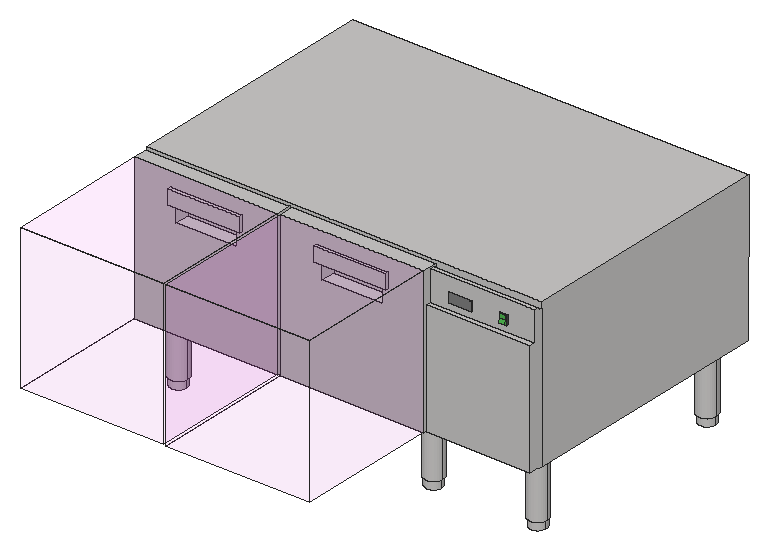
Revit family "QF_ELECTROLUXPROFESSIONAL_391602_E9TTAECOMIN", category Specialty Equipment, Revit 2021 (continued)
Automatic sketch dimensions
  Split face 157 sketch curve to Split face 157 sketch curve = 0.02 mm  (x2)
  Split face 157 sketch curve to Split face 157 sketch curve = 31.959 mm
  Split face 157 sketch curve to Extrusion 4 = 148.203 mm
  Split face 157 sketch curve to Split face 157 sketch curve = 4 mm
  Split face 158 sketch curve to Extrusion 4 = 110.502 mm
  Split face 158 sketch curve to Split face 158 sketch curve = 0.02 mm  (x2)
  Split face 158 sketch curve to Split face 158 sketch curve = 31.959 mm
  Split face 158 sketch curve to Extrusion 4 = 140.797 mm
  Split face 158 sketch curve to Split face 158 sketch curve = 4 mm
  Split face 159 sketch curve to Extrusion 4 = 110.502 mm
  Split face 159 sketch curve to Split face 159 sketch curve = 0.02 mm  (x2)
  Split face 159 sketch curve to Split face 159 sketch curve = 31.959 mm
  Split face 159 sketch curve to Extrusion 4 = 152.797 mm
  Split face 159 sketch curve to Split face 159 sketch curve = 4 mm
  Split face 160 sketch curve to Extrusion 4 = 110.502 mm
  Split face 160 sketch curve to Split face 160 sketch curve = 0.02 mm  (x2)
  Split face 160 sketch curve to Split face 160 sketch curve = 31.959 mm
  Split face 160 sketch curve to Extrusion 4 = 148.203 mm
  Split face 160 sketch curve to Split face 160 sketch curve = 4 mm
  Split face 161 sketch curve to Extrusion 4 = 155.502 mm
  Split face 161 sketch curve to Split face 161 sketch curve = 0.02 mm  (x2)
  Split face 161 sketch curve to Split face 161 sketch curve = 31.959 mm
  Split face 161 sketch curve to Extrusion 4 = 140.797 mm
  Split face 161 sketch curve to Split face 161 sketch curve = 4 mm
  Split face 162 sketch curve to Extrusion 4 = 155.502 mm
  Split face 162 sketch curve to Split face 162 sketch curve = 0.02 mm  (x2)
  Split face 162 sketch curve to Split face 162 sketch curve = 31.959 mm
  Split face 162 sketch curve to Extrusion 4 = 152.797 mm
  Split face 162 sketch curve to Split face 162 sketch curve = 4 mm
  Split face 163 sketch curve to Extrusion 4 = 155.502 mm
  Split face 163 sketch curve to Split face 163 sketch curve = 0.02 mm  (x2)
  Split face 163 sketch curve to Split face 163 sketch curve = 31.959 mm
  Split face 163 sketch curve to Extrusion 4 = 148.203 mm
  Split face 163 sketch curve to Split face 163 sketch curve = 4 mm
  Split face 164 sketch curve to Extrusion 4 = 144.498 mm
  Split face 164 sketch curve to Split face 164 sketch curve = 0.02 mm  (x2)
  Split face 164 sketch curve to Split face 164 sketch curve = 31.959 mm
  Split face 164 sketch curve to Extrusion 4 = 140.797 mm
  Split face 164 sketch curve to Split face 164 sketch curve = 4 mm
  Split face 165 sketch curve to Extrusion 4 = 144.498 mm
  Split face 165 sketch curve to Split face 165 sketch curve = 0.02 mm  (x2)
  Split face 165 sketch curve to Split face 165 sketch curve = 31.959 mm
  Split face 165 sketch curve to Extrusion 4 = 152.797 mm
  Split face 165 sketch curve to Split face 165 sketch curve = 4 mm
  Split face 166 sketch curve to Extrusion 4 = 144.498 mm
  Split face 166 sketch curve to Split face 166 sketch curve = 0.02 mm  (x2)
  Split face 166 sketch curve to Split face 166 sketch curve = 31.959 mm
  Split face 166 sketch curve to Extrusion 4 = 148.203 mm
  Split face 166 sketch curve to Split face 166 sketch curve = 4 mm
  Split face 167 sketch curve to Extrusion 4 = 99.499 mm
  Split face 167 sketch curve to Split face 167 sketch curve = 0.02 mm  (x2)
  Split face 167 sketch curve to Split face 167 sketch curve = 31.959 mm
  Split face 167 sketch curve to Extrusion 4 = 140.797 mm
  Split face 167 sketch curve to Split face 167 sketch curve = 4 mm
  Split face 168 sketch curve to Extrusion 4 = 99.499 mm
  Split face 168 sketch curve to Split face 168 sketch curve = 0.02 mm  (x2)
  Split face 168 sketch curve to Split face 168 sketch curve = 31.959 mm
  Split face 168 sketch curve to Extrusion 4 = 152.797 mm
  Split face 168 sketch curve to Split face 168 sketch curve = 4 mm
  Split face 169 sketch curve to Extrusion 4 = 99.499 mm
  Split face 169 sketch curve to Split face 169 sketch curve = 0.02 mm  (x2)
  Split face 169 sketch curve to Split face 169 sketch curve = 31.959 mm
  Split face 169 sketch curve to Extrusion 4 = 148.203 mm
  Split face 169 sketch curve to Split face 169 sketch curve = 4 mm
  Split face 170 sketch curve to Extrusion 4 = 54.499 mm
  Split face 170 sketch curve to Split face 170 sketch curve = 0.02 mm  (x2)
  Split face 170 sketch curve to Extrusion 4 = 22.519 mm
  Split face 170 sketch curve to Extrusion 4 = 140.797 mm
  Split face 170 sketch curve to Split face 170 sketch curve = 4 mm
  Split face 171 sketch curve to Extrusion 4 = 54.499 mm
  Split face 171 sketch curve to Split face 171 sketch curve = 0.02 mm  (x2)
  Split face 171 sketch curve to Extrusion 4 = 22.519 mm
  Split face 171 sketch curve to Extrusion 4 = 152.797 mm
  Split face 171 sketch curve to Split face 171 sketch curve = 4 mm
  Split face 172 sketch curve to Extrusion 4 = 54.499 mm
  Split face 172 sketch curve to Split face 172 sketch curve = 0.02 mm  (x2)
  Split face 172 sketch curve to Extrusion 4 = 22.519 mm
  Split face 172 sketch curve to Extrusion 4 = 148.203 mm
  Split face 172 sketch curve to Split face 172 sketch curve = 4 mm
  Extrusion 9 sketch curve to Extrusion 2 = 15 mm  (x2)
  Extrusion 2 to Extrusion 9 sketch curve = 31.031 mm
  Extrusion 9 sketch curve to Extrusion 2 = 13.969 mm
  plane 4 to Extrusion 10 sketch curve = 1.587 mm
  Extrusion 10 sketch curve to plane 17 = 8.498 mm
  Extrusion 10 sketch curve to plane 14 = 75.198 mm
  Extrusion 10 sketch curve to plane 3 "Centro (Sinistra/Destra)" = 32.799 mm
  Extrusion 10 sketch curve to plane 3 "Centro (Sinistra/Destra)" = 156.499 mm
  Extrusion 10 sketch curve to plane 5 "TOP" = 143.294 mm
  Extrusion 10 sketch curve to plane 5 "TOP" = 65 mm
  Extrusion 10 sketch curve to plane 5 "TOP" = 9.006 mm
  Extrusion 11 sketch curve to Extrusion 10 = 15 mm  (x2)
  Extrusion 10 to Extrusion 11 sketch curve = 31.031 mm
  Extrusion 11 sketch curve to Extrusion 10 = 13.969 mm
  Extrusion 1 sketch curve to plane 18 = 0 mm
  Extrusion 1 sketch curve to plane 9 "RIGHT" = 1 mm
  Extrusion 12 sketch curve to plane 20 = 30 mm
  Extrusion 12 sketch curve to plane 21 = 0 mm
  Extrusion 1 sketch curve to plane 6 "BACK" = 70 mm
  curve 1 to plane 18 = 0 mm
  curve 15 to plane 18 = 0 mm
  curve 5 to plane 11 = 0 mm
  curve 3 to plane 19 = 0 mm
  curve 17 to plane 10 = 0 mm
  curve 2 to plane 22 = 0 mm
  curve 13 to plane 3 "Centro (Sinistra/Destra)" = 164.999 mm
  curve 9 to curve 10 = 8.5 mm
  curve 12 to plane 17 = 8.498 mm
  curve 10 to plane 7 "FRONT" = 123 mm
  curve 9 to plane 7 "FRONT" = 123 mm
  curve 13 to curve 9 = 40 mm
  curve 16 to curve 10 = 40 mm
  curve 2 to curve 5 = 20 mm
  curve 6 to curve 9 = 20 mm
  curve 10 to curve 7 = 20 mm
  curve 8 to curve 10 = 20 mm
  radius of Split face 2 sketch curve = 1.2 mm
  radius of Split face 3 sketch curve = 1.2 mm
  radius of Split face 4 sketch curve = 1.2 mm
  radius of Split face 5 sketch curve = 1.2 mm
  radius of Split face 6 sketch curve = 1.2 mm
  radius of Split face 7 sketch curve = 1.2 mm
  radius of Extrusion 12 sketch curve = 6 mm
Nested families
  nested 1: "Foot H200" at (-545, -350, 0), type "Foot H200"
  nested 2: "Foot H200" at (-545, 292, 0), type "Foot H200"
  nested 3: "Foot H200" at (229, -350, 0) x (-1, 0, 0) z (0, 0, 1), type "Foot H200"
  nested 4: "Foot H200" at (229, 292, 0) x (-1, 0, 0) z (0, 0, 1), type "Foot H200"
  nested 5: "Foot H200" at (545, -350, 0) x (-1, 0, 0) z (0, 0, 1), type "Foot H200"
  nested 6: "Foot H200" at (545, 292, 0) x (-1, 0, 0) z (0, 0, 1), type "Foot H200"
  nested 7: "01_Refrigerator" at (350, -250, 0), type "01_Refrigerator"
Connectors
  electrical at (560, 260, 189.987)
    settings: on Extrusion 12, index 1, voltage 0 V, apparent load 0 VA, apparent load phase1 0 VA, apparent load phase2 0 VA, apparent load phase3 0 VA, power factor 1, load classification "Altro", number of poles 1, system type 30, power factor state 1, is connector primary yes, connector utility no, sub classification motor no, connector description "Electrical"
Definition of nested family "Foot H200"
  Parameters (values of type "Foot H200")
    Default Elevation = 0 mm
  Reference planes
    plane 1 "Centro (Fronte/Retro)": y = 0
    plane 2: z = 0
    plane 3 "Centro (Sinistra/Destra)": x = 0
    plane 4: z = 200
  Forms (mm)
    Revolve 1, solid
      sketch origin (255.05, 0, 608.09) x (0, 0, 1) y (-1, 0, 0)
        loop
          line (-608.09, 255.05) -> (-608.09, 230.05) -> (-583.09, 230.05) -> (-583.09, 226.05) -> (-408.09, 226.05) -> (-408.09, 255.05) -> (-608.09, 255.05)
        axis (-608.09, 255.05) -> (-408.09, 255.05)
      angle from 0 to 360
  Dimensions and locks
    Revolve 1 sketch curve to Revolve 1 sketch curve = 175 mm
    plane 4 to level = 200 mm
    aligned and locked: level to plane 2
    aligned and locked: plane 4 to Revolve 1 sketch curve
    aligned and locked: Revolve 1 sketch curve to level
    aligned and locked: plane 3 "Centro (Sinistra/Destra)" to Revolve 1 sketch curve
Definition of nested family "01_Refrigerator"
  Reference planes
    plane 1 "Center (Front/Back)": y = 0
    plane 2: z = 0
    plane 3 "Center (Left/Right)": x = 0
  Lines and regions (mm)
    detail lines, in view "Ref. Level"
      curve 1: line (0, -60, 0) -> (0, 60, 0)
      curve 2: line (-51.962, 30, 0) -> (51.962, -30, 0)
      curve 3: line (-51.962, -30, 0) -> (51.962, 30, 0)
      curve 4: line (19.116, 56.873, 0) -> (0, 35, 0)
      curve 5: line (0, 35, 0) -> (-19.116, 56.873, 0)
      curve 6: line (-30.311, 17.5, 0) -> (-40, 45.883, 0)
      curve 7: line (-59.736, 11.7, 0) -> (-30.311, 17.5, 0)
      curve 8: line (-30.311, -17.5, 0) -> (-59.736, -11.7, 0)
      curve 9: line (-40, -45.883, 0) -> (-30.311, -17.5, 0)
      curve 10: line (0, -35, 0) -> (-19.116, -56.873, 0)
      curve 11: line (19.116, -56.873, 0) -> (0, -35, 0)
      curve 12: line (30.311, -17.5, 0) -> (39.696, -44.992, 0)
      curve 13: line (58.812, -11.882, 0) -> (30.311, -17.5, 0)
      curve 14: line (30.311, 17.5, 0) -> (58.812, 11.882, 0)
      curve 15: line (39.696, 44.992, 0) -> (30.311, 17.5, 0)
      curve 16: spline (-200, 0, 0) -> (-193.185, -23.294, 0) -> (-173.205, -45, 0) -> (-141.421, -63.64, 0) -> (-100, -77.942, 0) -> (-51.764, -86.933, 0) -> (0, -90, 0) -> (51.764, -86.933, 0) -> (100, -77.942, 0) -> (141.421, -63.64, 0) -> (173.205, -45, 0) -> (193.185, -23.294, 0) -> (200, 0, 0) -> (193.185, 23.294, 0) -> (173.205, 45, 0) -> (141.421, 63.64, 0) -> (100, 77.942, 0) -> (51.764, 86.933, 0) -> (0, 90, 0) -> (-51.764, 86.933, 0) -> (-100, 77.942, 0) -> (-141.421, 63.64, 0) -> (-173.205, 45, 0) -> (-193.185, 23.294, 0) -> (-200, 0, 0)
